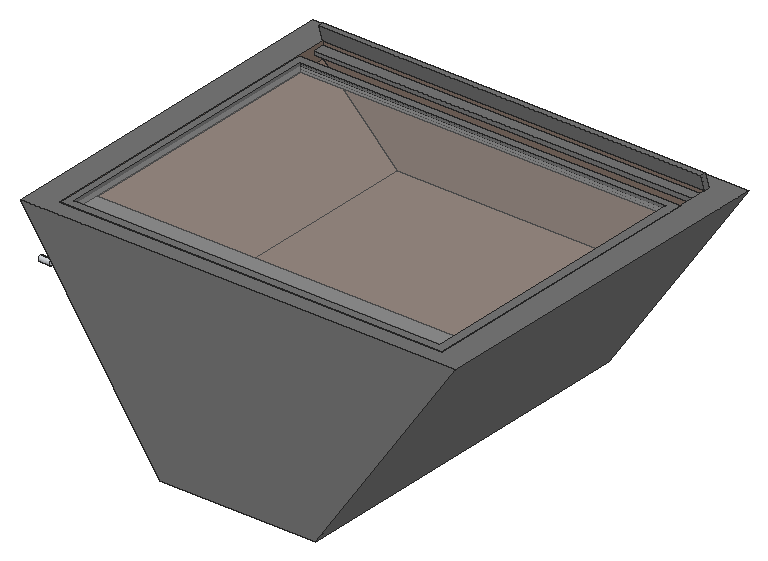
Revit family "Fireplace_Gas_Heatilator_Novus-nXt", category Mechanical Equipment, host Face, Revit 2015
Parameters (values of type "36x28 Viewing Area LP")
  widthadj [instance] = Opening Width + 0' 2"  # 3' - 2"
  gasrad [instance] = Gas Connection Diameter / 2  # 0' - 0 1/4"
  exhaustrad [instance] = Exhaust Connection Diameter / 2  # 0' - 2 1/2"
  Warranty Duration (Years) = 0
  Unit Width = 3' - 5"
  Unit Weight = 0
  Unit Height = 2' - 10 1/2"
  Unit Depth = 1' - 7 1/8"
  URL = "http://www.heatilator.com/"
  Test Data = ""
  Standards Conformance = "UL  ;  cUL"
  Specification = "http://www.arcat.com/sdspecs/htm04/10_31_07hea.htm"
  SpecWizard = ""
  Send Message = "http://www.arcat.com/users.pl?action=UserEmail&amp;company=Heatilator<sup><small></small></sup>&amp;coid=49248&amp;rep=144&amp;fax=&amp;mf=95"
  Screen [instance] = NovusnXtFace : Standard
  Sales Information = "http://www.heatilator.com/Contact-Us.aspx"
  Revision = "R2_2014-09"
  Recess Into Host [instance] = 1' - 7 1/8"
  Rear Width = 1' - 2 5/8"
  Rear Wall Finish [instance] = Masonry - Heatilator - Brick as Specified
  Product Properties = ""
  Product Data = "http://www.arcat.com/arcatcos/cos9549/arc49248.html"
  Opening Width = 3' - 0"
  Opening Height = 2' - 4"
  Mounting Height [instance] = 1' - 10.76867"
  Model = "NNXT4236i"
  Manufacturer Website = "http://www.heatilator.com/"
  Manufacturer Phone - Toll Free = "800-927-6841"
  Manufacturer Phone = ""
  Manufacturer Fax = ""
  Manufacturer Address = "7571 215th St. W.  Lakeville, MN 55044"
  Manufacturer = "Heatilator"
  Maintenance Schedule (Months) = 0
  Keynote = "10305"
  Installation-Fabrication = ""
  Installation Phase = ""
  Heating Capacity = "as Specified"
  HVAC_BTU Output = 0.0 Btu/h
  HVAC_BTU Input = 30000.0 Btu/h
  Green Building-LEED = ""
  Glazing Tint [instance] = Glazing - Heatilator - Clear
  Gas Connection Diameter [instance] = 1/2"
  Fuel Type = "LP"
  Fuel Consumption = "as Specified"
  Fixture Finish = Metal - Heatilator - Metallic Black
  Expected Lifespan (Years) = 0
  Exhaust Connection Diameter [instance] = 5"
  Electrical_Voltage = 120 V
  Efficiency Ratings = "Steady State 81  ;  AFUE 69  ;  EnerGuide 72"
  Drawn By = "Sumex Design, Inc. / Robert S. Weygant, CSI, CDT, SCIP"
  Door Finish [instance] = Metal - Heatilator - Metallic Black
  Description = "Heatilator Gas Burning Fireplace - Novus nXt NNXT4236i LP as Specified"
  Default Elevation = 0' - 0"
  Copyright = "©Arcat Inc."
  Construction Details = "http://www.arcat.com/details/heatil/heatil.html?coid=49248"
  Building Codes = ""
  Assembly Code = "D3020"
Types (4): name | widthadj | Unit Width | Rear Width | Opening Width | Model | HVAC_BTU Input | Fuel Type | Efficiency Ratings | Description
  36x28 Viewing Area LP | 3' - 2" | 3' - 5" | 1' - 2 5/8" | 3' - 0" | "NNXT4236i" | 30000.0 Btu/h | "LP" | "Steady State 81  ;  AFUE 69  ;  EnerGuide 72" | "Heatilator Gas Burning Fireplace - Novus nXt NNXT4236i LP as Specified"
  36x28 Viewing Area NG | 3' - 2" | 3' - 5" | 1' - 2 5/8" | 3' - 0" | "NNXT4236i" | 31000.0 Btu/h | "NG" | "Steady State 81  ;  AFUE 69  ;  EnerGuide 72" | "Heatilator Gas Burning Fireplace - Novus nXt NNXT4236i NG as Specified"
  33x28 Viewing Area LP | 2' - 11" | 3' - 2" | 0' - 11 5/8" | 2' - 9" | "NNXT3933i" | 27000.0 Btu/h | "LP" | "Steady State 82  ;  AFUE 70  ;  EnerGuide 72" | "Heatilator Gas Burning Fireplace - Novus nXt NNXT3933i LP as Specified"
  33x28 Viewing Area NG | 2' - 11" | 3' - 2" | 0' - 11 5/8" | 2' - 9" | "NNXT3933i" | 29000.0 Btu/h | "NG" | "Steady State 82  ;  AFUE 70  ;  EnerGuide 72" | "Heatilator Gas Burning Fireplace - Novus nXt NNXT3933i NG as Specified"
Reference planes (in)
  plane 1 "Opening CL": y = 0
  plane 2: z = 0
  plane 3 "Center (Left/Right)": x = 0
  plane 4: z = -19.125
  plane 5 "Front": z = 0
  plane 6: x = -18
  plane 7: x = 18
  plane 8: y = 14.0625
  plane 9 "FF": y = -41.20617
  plane 10: y = -18.4375
  plane 11: y = -13.9375
  plane 12: x = -20.5
  plane 13: x = 20.5
  plane 14: y = 16.0625
  plane 15: x = -7.3125
  plane 16: x = 7.3125
Forms (in)
  Extrusion 1, void
    sketch origin (0, 0, 0) x (1, 0, 0) y (0, 1, 0)
      loop
        line (20.5, 16.0625) -> (-20.5, 16.0625) -> (-20.5, -18.4375) -> (20.5, -18.4375) -> (20.5, 16.0625)
    from -19.125 to 5.63952
  Extrusion 2, solid
    sketch origin (0, 16.0625, 0) x (0, 0, -1) y (1, 0, 0)
      loop
        circle (11.625, 0) r 2.5
    from 0 to 3
  Extrusion 3, solid
    sketch origin (-20.5, -180, 14.07791) x (0, 0, 1) y (0, -1, 0)
      loop
        circle (-20.07791, -163.9375) r 0.25
    from 0 to 1.0582
  Extrusion 4, solid, material "Metal - Heatilator - Metallic Black" <- "Fixture Finish"
    sketch origin (-6.5, -18.4375, 48) x (1, 0, 0) y (0, 0, 1)
      loop
        line (-0.8125, -67.125) -> (13.8125, -67.125) -> (27, -48) -> (-14, -48) -> (-0.8125, -67.125)
    from 0 to -5
  Extrusion 5, solid, material "Metal - Heatilator - Metallic Black" <- "Fixture Finish"
    sketch origin (0, 0, 0) x (1, 0, 0) y (0, 0, 1)
      loop
        line (-20.5, 0) -> (-7.3125, -19.125) -> (7.3125, -19.125) -> (20.5, 0) -> (-20.5, 0)
    from -16.0625 to -14.0625
  Extrusion 6, solid, material "Metal - Heatilator - Metallic Black" <- "Fixture Finish"
    sketch origin (0, 0, 0) x (1, 0, 0) y (0, 0, 1)
      loop
        line (-20.5, 0) -> (-7.3125, -19.125) -> (7.3125, -19.125) -> (20.5, 0) -> (18, 0) -> (18, -1.5) -> (11.01472, -8.48528) -> (-11.01472, -8.48528) -> (-18, -1.5) -> (-18, 0) -> (-20.5, 0)
    from -14.0625 to 13.9375
  Extrusion 7, void
    sketch origin (-21.8749, -13.9375, 48) x (1, 0, 0) y (0, 0, 1)
      loop
        line (3.8749, -48) -> (3.8749, -48.75) -> (39.8749, -48.75) -> (39.8749, -48) -> (3.8749, -48)
    from -0.5 to 3
  Extrusion 8, solid
    sketch origin (0, -16.31553, -19.125) x (0, -1, 0) y (1, 0, 0)
      loop
        circle (-21.75303, 0) r 2.5
    from 0 to 2
  Extrusion 9, solid, material "Metal - Heatilator - Metallic Black" <- "Fixture Finish"
    sketch origin (0, 0, 0) x (0, 1, 0) y (0, 0, 1)
      loop
        line (13.0625, -0.75) -> (14.5625, -0.75) -> (14.5625, 0) -> (14.0625, 1.5) -> (13.5625, 1.5) -> (14.0625, 0) -> (14.0625, -0.375) -> (13.0625, -0.375) -> (13.0625, -0.75)
    from -18 to 18
Cuts and joins
  Extrusion 7 cuts Extrusion 4
  Extrusion 7 cuts Extrusion 5
  Extrusion 7 cuts Extrusion 6
  joined: Extrusion 4, Extrusion 5, Extrusion 6, Extrusion 9
Dimensions and locks (in)
  "Recess Into Host": level to plane 4
  "Unit Depth": plane 5 "Front" to plane 4
  equal spacing: plane 6, plane 3 "Center (Left/Right)", plane 7
  "Opening Width": plane 6 to plane 7
  "Mounting Height": plane 10 to plane 9 "FF"
  locked: plane 10 to plane 11 at 4.5
  "Opening Height": plane 8 to plane 11
  equal spacing: plane 12, plane 3 "Center (Left/Right)", plane 13
  "Unit Width": plane 12 to plane 13
  "Unit Height": plane 10 to plane 14
  locked: plane 5 "Front" to Extrusion 2 sketch curve at 11.625
  locked: Extrusion 2 sketch curve to plane 3 "Center (Left/Right)" at 0
  locked: plane 5 "Front" to Extrusion 3 sketch curve at 6
  locked: plane 10 to Extrusion 3 sketch curve at 2.375
  equal spacing: plane 16, plane 3 "Center (Left/Right)", plane 15
  "Rear Width": plane 16 to plane 15
  locked: plane 5 "Front" to Extrusion 6 sketch curve at 8.48528
  locked: plane 5 "Front" to Extrusion 6 sketch curve at 1.5  (x2)
  locked: plane 5 "Front" to Extrusion 7 sketch curve at 0.75
  locked: plane 10 to Extrusion 8 sketch curve at 23.875
  Extrusion 9 sketch curve to Extrusion 9 sketch curve to plane 8 to Extrusion 9 sketch curve = 0' - 0 1/2" locked, 0' - 0 1/2" locked, 0' - 0 1/2" locked
  Extrusion 9 sketch curve to plane 5 "Front" to Extrusion 9 sketch curve to Extrusion 9 sketch curve = 0' - 1 1/2" locked, 0' - 0 3/8" locked, 0' - 0 3/8" locked
  "exhaustrad": radius of Extrusion 2 sketch curve
  "gasrad": radius of Extrusion 3 sketch curve
  "exhaustrad": radius of Extrusion 8 sketch curve
  locked: Extrusion 6 sketch curve to plane 7 (angle 45.00°)
  locked: plane 6 to Extrusion 6 sketch curve (angle 45.00°)
  aligned and locked: plane 2 to host face
  aligned and locked: level to host face
  aligned: plane 5 "Front" to Extrusion 1
  aligned and locked: Extrusion 1 to plane 4
  aligned and locked: Extrusion 1 sketch curve to plane 10
  aligned and locked: plane 13 to Extrusion 1 sketch curve
  aligned and locked: Extrusion 1 sketch curve to plane 12
  aligned and locked: Extrusion 1 sketch curve to plane 14
  aligned and locked: plane 5 "Front" to Extrusion 4 sketch curve
  aligned and locked: Extrusion 4 sketch curve to plane 15
  aligned and locked: Extrusion 4 sketch curve to plane 16
  aligned and locked: Extrusion 4 sketch curve to plane 4
  aligned: plane 11 to Extrusion 4
  aligned and locked: plane 5 "Front" to Extrusion 5 sketch curve
  aligned and locked: Extrusion 5 sketch curve to plane 15
  aligned and locked: Extrusion 5 sketch curve to plane 16
  aligned and locked: Extrusion 5 sketch curve to plane 4
  aligned and locked: Extrusion 5 to plane 14
  aligned and locked: Extrusion 5 to plane 8
  aligned and locked: plane 6 to Extrusion 6 sketch curve
  aligned and locked: Extrusion 6 sketch curve to plane 16
  aligned and locked: Extrusion 6 sketch curve to plane 15
  aligned and locked: Extrusion 6 to plane 8
  aligned and locked: Extrusion 6 to plane 11
  aligned and locked: nested 1 to plane 10
  aligned and locked: plane 5 "Front" to Extrusion 7 sketch curve
  aligned and locked: Extrusion 7 sketch curve to plane 6
  aligned and locked: plane 7 to Extrusion 7 sketch curve
  aligned and locked: plane 7 to Extrusion 9
  aligned and locked: Extrusion 9 to plane 6
Automatic sketch dimensions
  host sketch curve to host sketch curve = 8' - 0"
  host sketch curve to host sketch curve = 10' - 4 9/16"
  Extrusion 5 sketch curve to plane 12 = 0' - 0"
  Extrusion 5 sketch curve to plane 13 = 0' - 0"
  Extrusion 6 sketch curve to level = 0' - 0"  (x2)
  Extrusion 6 sketch curve to plane 12 = 0' - 0"
  Extrusion 6 sketch curve to plane 7 = 0' - 0"
  Extrusion 6 sketch curve to plane 13 = 0' - 0"
  Extrusion 6 sketch curve to plane 4 = 0' - 0"
  Extrusion 8 sketch curve to plane 3 "Center (Left/Right)" = 0' - 0"
  Extrusion 9 sketch curve to level = 0' - 0"  (x2)
  Extrusion 9 sketch curve to plane 8 = 0' - 0"  (x2)
  Extrusion 4 sketch curve to plane 12 = 0' - 0"
  Extrusion 4 sketch curve to plane 13 = 0' - 0"
Nested families (in)
  nested 1: "NovusnXtFace" at (0, -18.4375, 0), type <- "Screen", frame finish <- "Door Finish", clear material <- "Glazing Tint", Width <- "widthadj", Height <- "Opening Height", type "Standard"
    with frame finish Metal - Heatilator - Metallic Black, clear material Glazing - Heatilator - Clear, built-in parameter 1001301 3' - 2", built-in parameter 1001300 2' - 4"
Connectors (in)
  hvac at (0, 16.0625, -11.625), driven by "exhaustrad"
    settings: on Extrusion 2, index 2, duct flow 0 CFM, flow factor 0, pres drop 0.00 in-wg, loss coef 0, conn angle 0.00°, conn width 12", conn height 12", conn diameter 5", duct sys type 3, conn prof type 0, flow config 0, flow direction 2, loss method 0, conn ref index -1, conn util no, is conn primary yes, conn desc "Vertical Exhaust"
  piping at (-20.5, -16.0625, -6), diameter 0.5, driven by "gasrad"
    settings: on Extrusion 3, index 5, connector inside diameter 1/2", connector length 0' - 0", flow factor 0, pipe flow 0 GPM, pressure drop 0.00 psi, fitting loss kfactor 0, connector angle 0.00°, fixture units 0, engagement length 0' - 0", angle of deflection 0.00°, flow configuration 0, flow direction 1, fitting loss method 0, system type 29, joint type 0, gender type 0, connector reference index -1, connector utility 0, adjustable connector no, is connector primary yes, connector description "Gas Inlet"
  electrical at (-13.90625, -1.1875, -9.5625), driven by "Electrical_Voltage"
    settings: on cut or joined group of Extrusion 4, Extrusion 5, Extrusion 6, Extrusion 7, Extrusion 9, index 6, voltage 120 V, apparent load 0 VA, apparent load phase1 0 VA, apparent load phase2 0 VA, apparent load phase3 0 VA, power factor 1, load classification "Other", number of poles 1, system type 31, power factor state 1, is connector primary yes, connector utility no, sub classification motor no, connector description ""
  hvac at (0, 5.4375, -19.125), driven by "exhaustrad"
    settings: on Extrusion 8, index 7, duct flow 0 CFM, flow factor 0, pres drop 0.00 in-wg, loss coef 0, conn angle 0.00°, conn width 12", conn height 12", conn diameter 5", duct sys type 3, conn prof type 0, flow config 0, flow direction 2, loss method 0, conn ref index -1, conn util no, is conn primary no, conn desc "Rear Exhaust"
Definition of nested family "NovusnXtFace"
  Parameters
    frame finish [instance] = none
    clear material [instance] = none
    Width [instance] = 2' - 6"
    Tres = no
    Height [instance] = 1' - 4"
    Demi = no
    Standard = yes
    Default Elevation = 4' - 0"
    Assembly Code = ""
  Reference planes (in)
    plane 1 "Center (Front/Back)": y = 0
    plane 2: z = 0
    plane 3 "Center (Left/Right)": x = 0
    plane 4: x = -15
    plane 5: x = 15
    plane 6: x = -5
    plane 7: x = 5
    plane 8: x = -3
    plane 9: x = 3
    plane 10: x = -9
    plane 11: x = 9
  Forms (in)
    Extrusion 1, solid, material <- "frame finish", visible <- "Demi"
      sketch origin (0, 0, 0) x (1, 0, 0) y (0, 1, 0)
        loop
          line (-14, 1.5) -> (14, 1.5) -> (14, 29.625) -> (-14, 29.625) -> (-14, 1.5)
        loop
          line (-12.5, 25.125) -> (-12.5, 6) -> (12.5, 6) -> (12.5, 25.125) -> (-12.5, 25.125)
        loop
          line (-12.5, 25.625) -> (12.5, 25.625) -> (12.5, 29.125) -> (-12.5, 29.125) -> (-12.5, 25.625)
        loop
          line (-12.5, 2) -> (12.5, 2) -> (12.5, 5.5) -> (-12.5, 5.5) -> (-12.5, 2)
      from -0.75 to 0
    Extrusion 2, solid, material <- "frame finish", visible <- "Demi"
      sketch origin (0, 1.5, 0) x (1, 0, 0) y (0, 1, 0)
        loop
          line (-11.25, 24.125) -> (-10.75, 24.125) -> (-10.75, 27.625) -> (-11.25, 27.625) -> (-11.25, 24.125)
        loop
          line (-5.25, 24.125) -> (-4.75, 24.125) -> (-4.75, 27.625) -> (-5.25, 27.625) -> (-5.25, 24.125)
        loop
          line (-0.25, 24.125) -> (0.25, 24.125) -> (0.25, 27.625) -> (-0.25, 27.625) -> (-0.25, 24.125)
        loop
          line (11.25, 24.125) -> (11.25, 27.625) -> (10.75, 27.625) -> (10.75, 24.125) -> (11.25, 24.125)
        loop
          line (5.25, 24.125) -> (5.25, 27.625) -> (4.75, 27.625) -> (4.75, 24.125) -> (5.25, 24.125)
        loop
          line (-11.25, 0.5) -> (-10.75, 0.5) -> (-10.75, 4) -> (-11.25, 4) -> (-11.25, 0.5)
        loop
          line (-5.25, 0.5) -> (-4.75, 0.5) -> (-4.75, 4) -> (-5.25, 4) -> (-5.25, 0.5)
        loop
          line (-0.25, 0.5) -> (0.25, 0.5) -> (0.25, 4) -> (-0.25, 4) -> (-0.25, 0.5)
        loop
          line (11.25, 0.5) -> (11.25, 4) -> (10.75, 4) -> (10.75, 0.5) -> (11.25, 0.5)
        loop
          line (5.25, 0.5) -> (5.25, 4) -> (4.75, 4) -> (4.75, 0.5) -> (5.25, 0.5)
      from -0.25 to 0
    Extrusion 3, solid, material <- "frame finish", visible <- "Demi"
      sketch origin (0, 0, 0) x (1, 0, 0) y (0, 1, 0)
        loop
          line (-12.5, 27.375) -> (-12.5, 26.875) -> (-2.86289, 26.875)
          arc (-2.86289, 26.875) -> (0, 27.67885) -> (2.86289, 26.875) r 5.5
          line (2.86289, 26.875) -> (12.5, 26.875) -> (12.5, 27.375) -> (3, 27.375)
          arc (3, 27.375) -> (0, 28.17885) -> (-3, 27.375) r 6
          line (-3, 27.375) -> (-12.5, 27.375)
        loop
          line (-12.5, 3.75) -> (-12.5, 3.25) -> (-2.86289, 3.25)
          arc (-2.86289, 3.25) -> (0, 4.05385) -> (2.86289, 3.25) r 5.5
          line (2.86289, 3.25) -> (12.5, 3.25) -> (12.5, 3.75) -> (3, 3.75)
          arc (3, 3.75) -> (0, 4.55385) -> (-3, 3.75) r 6
          line (-3, 3.75) -> (-12.5, 3.75)
      from -0.25 to 0
    Extrusion 4, solid, material <- "frame finish", visible <- "Tres"
      sketch origin (0, 0, 0) x (1, 0, 0) y (0, 1, 0)
        loop
          line (14, 29.625) -> (-14, 29.625) -> (-14, 1.5) -> (14, 1.5) -> (14, 29.625)
        loop
          line (12.5, 6) -> (12.5, 25.125)
          arc (12.5, 25.125) -> (0, 27.125) -> (-12.5, 25.125) r 40.0625
          line (-12.5, 25.125) -> (-12.5, 6) -> (12.5, 6)
        loop
          line (-12.5, 5.5) -> (-12.5, 2) -> (12.5, 2) -> (12.5, 5.5) -> (-12.5, 5.5)
        loop
          arc (-12.5, 25.65092) -> (0, 27.625) -> (12.5, 25.65092) r 40.5625
          line (12.5, 25.65092) -> (12.5, 29.125) -> (-12.5, 29.125) -> (-12.5, 25.65092)
      from -0.75 to 0
    Extrusion 5, solid, material <- "frame finish", visible <- "Tres"
      sketch origin (0, 0, 0) x (1, 0, 0) y (0, 1, 0)
        loop
          arc (-12.5, 27.20312) -> (0, 29.20312) -> (12.5, 27.20312) r 40.0625
          line (12.5, 27.20312) -> (12.5, 27.6353)
          arc (12.5, 27.6353) -> (0, 29.60937) -> (-12.5, 27.6353) r 40.56249
          line (-12.5, 27.6353) -> (-12.5, 27.20312)
        loop
          line (-12.5, 2) -> (-11.80406, 2)
          arc (-11.80406, 2) -> (0, 5.625) -> (11.80406, 2) r 21.03125
          line (11.80406, 2) -> (12.5, 2)
          arc (12.5, 2) -> (0, 5.92319) -> (-12.5, 2) r 21.87524
      from -0.25 to 0
    Extrusion 6, solid, material <- "frame finish", visible <- "Tres"
      sketch origin (0, 0, 0) x (1, 0, 0) y (0, 1, 0)
        loop
          line (-8.75, 29.125) -> (-9.25, 29.125) -> (-9.25, 26.25) -> (-8.75, 26.25) -> (-8.75, 29.125)
        loop
          line (9.25, 29.125) -> (8.75, 29.125) -> (8.75, 26.22897) -> (9.25, 26.22897) -> (9.25, 29.125)
        loop
          line (-2.75, 29.125) -> (-3.25, 29.125) -> (-3.25, 27.125) -> (-2.75, 27.125) -> (-2.75, 29.125)
        loop
          line (3.25, 29.125) -> (2.75, 29.125) -> (2.75, 27.125) -> (3.25, 27.125) -> (3.25, 29.125)
        loop
          line (0.5, 29.38611) -> (-0.5, 29.38611) -> (-0.5, 27.375) -> (0.5, 27.375) -> (0.5, 29.38611)
        loop
          line (-9.25, 2) -> (-8.75, 2) -> (-8.75, 5.5) -> (-9.25, 5.5) -> (-9.25, 2)
        loop
          line (-3.25, 2) -> (-2.75, 2) -> (-2.75, 5.5) -> (-3.25, 5.5) -> (-3.25, 2)
        loop
          line (2.75, 2) -> (3.25, 2) -> (3.25, 5.5) -> (2.75, 5.5) -> (2.75, 2)
        loop
          line (8.75, 2) -> (9.25, 2) -> (9.25, 5.5) -> (8.75, 5.5) -> (8.75, 2)
        loop
          line (-0.5, 2) -> (0.5, 2) -> (0.5, 5.72384) -> (-0.5, 5.72384) -> (-0.5, 2)
      from -0.25 to 0
    Extrusion 7, solid, material <- "clear material", visible <- "Tres"
      sketch origin (0, 0, 0) x (1, 0, 0) y (0, 1, 0)
        loop
          line (-12.5, 25.125) -> (-12.5, 4.5) -> (12.5, 4.5) -> (12.5, 25.125)
          arc (12.5, 25.125) -> (0, 27.125) -> (-12.5, 25.125) r 40.0625
      from -0.75 to -0.5
    Extrusion 8, solid, material <- "clear material", visible <- "Demi"
      sketch origin (0, 0, 0) x (1, 0, 0) y (0, 1, 0)
        loop
          line (-12.5, 25.125) -> (-12.5, 4.5) -> (12.5, 4.5) -> (12.5, 25.125) -> (-12.5, 25.125)
      from -0.75 to -0.5
    Extrusion 9, solid, material <- "frame finish", visible <- "Standard"
      sketch origin (0, 0, 0) x (1, 0, 0) y (0, 1, 0)
        loop
          line (-14, 29.625) -> (-14, 1.5) -> (14, 1.5) -> (14, 29.625) -> (-14, 29.625)
        loop
          line (-13.25, 2.25) -> (13.25, 2.25) -> (13.25, 28.875) -> (-13.25, 28.875) -> (-13.25, 2.25)
      from 0 to -0.75
    Extrusion 10, solid, material <- "clear material", visible <- "Standard"
      sketch origin (0, 0, 0) x (1, 0, 0) y (0, 1, 0)
        loop
          line (-13.25, 28.875) -> (-13.25, 2.25) -> (13.25, 2.25) -> (13.25, 28.875) -> (-13.25, 28.875)
      from -0.25 to -0.5
  Cuts and joins
    joined: Extrusion 1, Extrusion 2, Extrusion 3
    joined: Extrusion 4, Extrusion 5, Extrusion 6
  Dimensions and locks (in)
    equal spacing: plane 4, plane 3 "Center (Left/Right)", plane 5
    "Width": plane 4 to plane 5
    plane 4 to Extrusion 1 sketch curve to Extrusion 1 sketch curve = 0' - 1" locked, 0' - 1 1/2" locked
    locked: plane 4 to Extrusion 1 sketch curve at 2.5  (x2)
    locked: Extrusion 1 sketch curve to plane 5 at 2.5  (x2)
    Extrusion 1 sketch curve to Extrusion 1 sketch curve to plane 5 = 0' - 1 1/2" locked, 0' - 1" locked
    equal spacing: plane 4, plane 6, plane 7, plane 5
    plane 4 to Extrusion 2 sketch curve to Extrusion 2 sketch curve = 0' - 3 3/4" locked, 0' - 0 1/2" locked  (x2)
    Extrusion 2 sketch curve to Extrusion 2 sketch curve to plane 5 = 0' - 0 1/2" locked, 0' - 3 3/4" locked  (x2)
    Extrusion 2 sketch curve to plane 7 to Extrusion 2 sketch curve = 0' - 0 1/4" locked, 0' - 0 1/4" locked  (x2)
    Extrusion 2 sketch curve to plane 6 to Extrusion 2 sketch curve = 0' - 0 1/4" locked, 0' - 0 1/4" locked  (x2)
    Extrusion 2 sketch curve to plane 3 "Center (Left/Right)" to Extrusion 2 sketch curve = 0' - 0 1/4" locked, 0' - 0 1/4" locked  (x2)
    locked: plane 4 to Extrusion 3 sketch curve at 12  (x2)
    locked: Extrusion 3 sketch curve to plane 5 at 12  (x2)
    locked: Extrusion 3 sketch curve to Extrusion 3 sketch curve at 0.80385  (x2)
    locked: Extrusion 3 sketch curve to Extrusion 3 sketch curve at 0.30385  (x2)
    plane 1 "Center (Front/Back)" to Extrusion 3 sketch curve to Extrusion 3 sketch curve = 2' - 2 7/8" locked, 0' - 0 1/2" locked  (x2)
    plane 1 "Center (Front/Back)" to Extrusion 3 sketch curve to Extrusion 3 sketch curve = 0' - 3 1/4" locked, 0' - 0 1/2" locked  (x2)
    plane 1 "Center (Front/Back)" to Extrusion 4 sketch curve to Extrusion 4 sketch curve = 2' - 3 1/8" locked, 0' - 0 1/2" locked
    plane 4 to Extrusion 4 sketch curve to Extrusion 4 sketch curve = 0' - 1" locked, 0' - 1 1/2" locked
    Extrusion 4 sketch curve to Extrusion 4 sketch curve to plane 5 = 0' - 1 1/2" locked, 0' - 1" locked
    locked: Extrusion 4 sketch curve to plane 5 at 2.5  (x2)
    locked: plane 4 to Extrusion 4 sketch curve at 2.5  (x2)
    equal spacing: plane 4, plane 10, plane 8, plane 9, plane 11, plane 5
    locked: plane 4 to Extrusion 5 sketch curve at 2.5
    locked: Extrusion 5 sketch curve to plane 5 at 2.5
    plane 1 "Center (Front/Back)" to Extrusion 5 sketch curve to Extrusion 5 sketch curve = 2' - 5 13/64" locked, 0' - 0 13/32" locked
    plane 4 to Extrusion 5 sketch curve to Extrusion 5 sketch curve = 0' - 2 1/2" locked, 0' - 0.69594" locked
    Extrusion 5 sketch curve to Extrusion 5 sketch curve to plane 5 = 0' - 0.69594" locked, 0' - 2 1/2" locked
    plane 1 "Center (Front/Back)" to Extrusion 5 sketch curve to Extrusion 5 sketch curve = 0' - 5 5/8" locked, 0' - 0.29819" locked
    Extrusion 6 sketch curve to plane 3 "Center (Left/Right)" to Extrusion 6 sketch curve = 0' - 0 1/2" locked, 0' - 0 1/2" locked  (x2)
    Extrusion 6 sketch curve to plane 9 to Extrusion 6 sketch curve = 0' - 0 1/4" locked, 0' - 0 1/4" locked  (x2)
    Extrusion 6 sketch curve to plane 8 to Extrusion 6 sketch curve = 0' - 0 1/4" locked, 0' - 0 1/4" locked  (x2)
    Extrusion 6 sketch curve to plane 10 to Extrusion 6 sketch curve = 0' - 0 1/4" locked, 0' - 0 1/4" locked  (x2)
    Extrusion 6 sketch curve to plane 11 to Extrusion 6 sketch curve = 0' - 0 1/4" locked, 0' - 0 1/4" locked  (x2)
    plane 1 "Center (Front/Back)" to Extrusion 5 sketch curve to Extrusion 5 sketch curve = 2' - 3 13/64" locked, 0' - 0.43217" locked  (x2)
    locked: plane 1 "Center (Front/Back)" to Extrusion 5 sketch curve at 2  (x2)
    locked: plane 4 to Extrusion 7 sketch curve at 2.5
    locked: Extrusion 7 sketch curve to plane 5 at 2.5
    locked: plane 1 "Center (Front/Back)" to Extrusion 7 sketch curve at 27.125
    locked: plane 1 "Center (Front/Back)" to Extrusion 7 sketch curve at 25.125  (x2)
    plane 1 "Center (Front/Back)" to Extrusion 4 sketch curve to Extrusion 4 sketch curve = 2' - 1 1/8" locked, 0' - 0.52592" locked  (x2)
    locked: plane 4 to Extrusion 8 sketch curve at 2.5
    locked: Extrusion 8 sketch curve to plane 5 at 2.5
    aligned and locked: plane 2 to level
  Automatic sketch dimensions
    Extrusion 1 sketch curve to plane 1 "Center (Front/Back)" = 0' - 1 1/2"
    Extrusion 1 sketch curve to plane 1 "Center (Front/Back)" = 0' - 2"
    Extrusion 1 sketch curve to Extrusion 1 sketch curve = 0' - 3 1/2"  (x2)
    Extrusion 1 sketch curve to Extrusion 1 sketch curve = 0' - 0 1/2"  (x3)
    Extrusion 1 sketch curve to Extrusion 1 sketch curve = 1' - 7 1/8"
    Extrusion 2 sketch curve to plane 1 "Center (Front/Back)" = 0' - 2"  (x5)
    Extrusion 2 sketch curve to Extrusion 2 sketch curve = 0' - 3 1/2"  (x10)
    Extrusion 2 sketch curve to Extrusion 2 sketch curve = 1' - 8 1/8"
    Extrusion 2 sketch curve to Extrusion 2 sketch curve = 0' - 0"  (x4)
    Extrusion 3 sketch curve to Extrusion 3 sketch curve = 0' - 0"  (x4)
    plane 4 to Extrusion 3 sketch curve = 0' - 2 1/2"  (x2)
    Extrusion 3 sketch curve to plane 5 = 0' - 2 1/2"  (x2)
    Extrusion 4 sketch curve to plane 1 "Center (Front/Back)" = 0' - 1 1/2"
    Extrusion 4 sketch curve to plane 1 "Center (Front/Back)" = 0' - 2"
    Extrusion 4 sketch curve to Extrusion 4 sketch curve = 0' - 3 1/2"
    Extrusion 4 sketch curve to Extrusion 4 sketch curve = 0' - 0 1/2"  (x2)
    Extrusion 4 sketch curve to Extrusion 4 sketch curve = 0' - 3.47408"
    Extrusion 6 sketch curve to plane 1 "Center (Front/Back)" = 0' - 2"  (x5)
    Extrusion 6 sketch curve to Extrusion 6 sketch curve = 0' - 3.72384"
    Extrusion 6 sketch curve to Extrusion 6 sketch curve = 0' - 0.22384"  (x2)
    Extrusion 6 sketch curve to Extrusion 6 sketch curve = 0' - 3 1/2"  (x2)
    Extrusion 6 sketch curve to Extrusion 6 sketch curve = 1' - 8 3/4"
    Extrusion 6 sketch curve to Extrusion 6 sketch curve = 0' - 0.02103"
    Extrusion 6 sketch curve to Extrusion 6 sketch curve = 0' - 0.89603"
    Extrusion 6 sketch curve to Extrusion 6 sketch curve = 0' - 0 7/8"
    Extrusion 6 sketch curve to Extrusion 6 sketch curve = 0' - 0 1/4"
    Extrusion 6 sketch curve to Extrusion 6 sketch curve = 0' - 2"  (x2)
    Extrusion 6 sketch curve to Extrusion 6 sketch curve = 0' - 2.89603"
    Extrusion 6 sketch curve to Extrusion 6 sketch curve = 0' - 2 7/8"
    Extrusion 6 sketch curve to Extrusion 6 sketch curve = 0' - 2.01111"
    Extrusion 7 sketch curve to plane 1 "Center (Front/Back)" = 0' - 4 1/2"
    Extrusion 8 sketch curve to plane 1 "Center (Front/Back)" = 0' - 4 1/2"
    Extrusion 8 sketch curve to Extrusion 8 sketch curve = 1' - 8 5/8"
    plane 4 to Extrusion 9 sketch curve = 0' - 1"
    Extrusion 9 sketch curve to plane 5 = 0' - 1"
    Extrusion 9 sketch curve to plane 1 "Center (Front/Back)" = 0' - 1 1/2"
    Extrusion 9 sketch curve to Extrusion 9 sketch curve = 2' - 4 1/8"
    Extrusion 9 sketch curve to Extrusion 9 sketch curve = 0' - 0 3/4"  (x4)
    plane 4 to Extrusion 10 sketch curve = 0' - 1 3/4"
    Extrusion 10 sketch curve to plane 5 = 0' - 1 3/4"
    Extrusion 10 sketch curve to plane 1 "Center (Front/Back)" = 0' - 2 1/4"
    Extrusion 10 sketch curve to Extrusion 10 sketch curve = 2' - 2 5/8"
